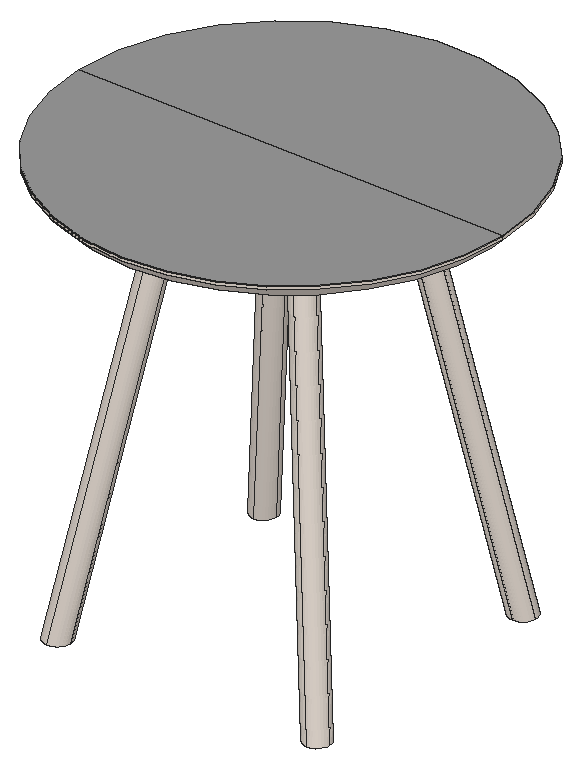
Revit family "FU_Table_Sandler_Viki 9-1", category Furniture, Revit 2020
Family settings
  OmniClass Number = 23.40.20.00
  OmniClass Title = General Furniture and Specialties
  Work Plane-Based = No
  Always vertical = Yes
  Cut with Voids When Loaded = No
  Shared = No
  Room Calculation Point = No
Parameters (values of type "Viki 9.1")
  Width = 600 mm
  URL = "https://www.sandlerseating.com/product/viki-9-1/"
  Model = "Viki 9.1"
  Manufacturer = "Sandler"
  Height = 600 mm
  Frame [instance] = Wood -  Aniline - White
  Description = "Side table on solid beech frame with White laminated top as a standard"
  Depth = 600 mm
  Default Elevation = 0 mm
Reference planes
  plane 1 "Center (Front/Back)": y = 0
  plane 2: z = 0
  plane 3 "Center (Left/Right)": x = 0
  plane 4 "Right": x = -300
  plane 5 "Left": x = 300
  plane 6 "Back": y = 300
  plane 7 "Front": y = -300
  plane 8 "Height": z = 600
  plane 9 "table base height": z = 580
  plane 10 "RL FRONT": through (-183.264, -1524, 2.559) normal (-0.9874, 0, 0.1585)
  plane 11 "LL FRONT": through (182.695, -1524, 3.555) normal (-0.9874, 0, -0.1585)
  plane 12 "TS FRONT": z = 526.982
  plane 13 "FL RIGHT": through (4267.2, -181.916, 3.931) normal (0, -0.9876, 0.157)
  plane 14 "BL RIGHT": through (4267.2, 178.963, 14.303) normal (0, -0.9878, -0.1559)
Forms (mm)
  Revolve 1, solid, material "Wood -  Aniline - White" <- "Frame"
    sketch origin (0, 0, 0) x (1, 0, 0) y (0, 0, 1)
      loop
        line (0, 599.033) -> (-300, 599.033) -> (-300, 594.995) -> (-285.005, 580) -> (0, 580) -> (0, 599.033)
      axis (0, 599.033) -> (0, 580)
    angle from 0 to 360
  Revolve 2, solid, material "Laminate, White, Matte"
    sketch origin (0, 0, 0) x (1, 0, 0) y (0, 0, 1)
      loop
        line (0, 600) -> (-300, 600) -> (-300, 599.033) -> (0, 599.033) -> (0, 600)
      axis (0, 600) -> (0, 599)
    angle from 0 to 360
  Sweep 3, solid, material "Wood -  Aniline - White" <- "Frame"
    path origin (0, -178.039, 28.311) x (0, -0.157041, -0.987592) y (1, 0, 0)
      loop
        line (34.101, -184.448) -> (-567.992, -86.549)
    profile "Pro_Circles : 36mm" origin (-135.499, -136.118, 291.944) x (-0.987037, 0.025203, 0.158499) y (0, -0.987592, 0.157041)
      loop
        arc (-17.967, 0.067) -> (-12.771, -12.677) -> (-0.066, -17.967) r 17.901
        arc (-0.066, -17.967) -> (12.725, -12.725) -> (17.967, 0.067) r 17.901
        arc (17.967, 0.067) -> (12.677, 12.771) -> (-0.067, 17.967) r 17.9
        arc (-0.067, 17.967) -> (-12.724, 12.724) -> (-17.967, 0.067) r 17.9
  Sweep 4, solid, material "Wood -  Aniline - White" <- "Frame"
    path origin (0, -178.039, 28.311) x (0, -0.157041, -0.987592) y (-1, 0, 0)
      loop
        line (34.101, -184.448) -> (-567.992, -86.549)
    profile "Pro_Circles : 36mm" origin (135.499, -136.118, 291.944) x (-0.987037, -0.025203, -0.158499) y (0, -0.987592, 0.157041)
      loop
        arc (17.967, 0.067) -> (12.724, 12.724) -> (0.067, 17.967) r 17.9
        arc (0.067, 17.967) -> (-12.677, 12.771) -> (-17.967, 0.067) r 17.9
        arc (-17.967, 0.067) -> (-12.725, -12.725) -> (0.066, -17.967) r 17.901
        arc (0.066, -17.967) -> (12.771, -12.677) -> (17.967, 0.067) r 17.901
  Sweep 5, solid, material "Wood -  Aniline - White" <- "Frame"
    path origin (0, 178.039, 28.311) x (0, 0.157041, -0.987592) y (-1, 0, 0)
      loop
        line (34.101, 184.448) -> (-567.992, 86.549)
    profile "Pro_Circles : 36mm" origin (-135.499, 136.118, 291.944) x (0.987037, 0.025203, -0.158499) y (0, 0.987592, 0.157041)
      loop
        arc (17.967, 0.067) -> (12.724, 12.724) -> (0.067, 17.967) r 17.9
        arc (0.067, 17.967) -> (-12.677, 12.771) -> (-17.967, 0.067) r 17.9
        arc (-17.967, 0.067) -> (-12.725, -12.725) -> (0.066, -17.967) r 17.901
        arc (0.066, -17.967) -> (12.771, -12.677) -> (17.967, 0.067) r 17.901
  Sweep 6, solid, material "Wood -  Aniline - White" <- "Frame"
    path origin (0, 178.039, 28.311) x (0, 0.157041, -0.987592) y (-1, 0, 0)
      loop
        line (34.101, -184.448) -> (-567.992, -86.549)
    profile "Pro_Circles : 36mm" origin (135.499, 136.118, 291.944) x (0.987037, -0.025203, 0.158499) y (0, 0.987592, 0.157041)
      loop
        arc (-17.967, 0.067) -> (-12.771, -12.677) -> (-0.066, -17.967) r 17.901
        arc (-0.066, -17.967) -> (12.725, -12.725) -> (17.967, 0.067) r 17.901
        arc (17.967, 0.067) -> (12.677, 12.771) -> (-0.067, 17.967) r 17.9
        arc (-0.067, 17.967) -> (-12.724, 12.724) -> (-17.967, 0.067) r 17.9
  Extrusion 7, void
    sketch origin (0, 0, 0) x (1, 0, 0) y (0, 0, 1)
      loop
        line (-120, 610) -> (-120, 580) -> (120, 580) -> (120, 610) -> (-120, 610)
    from -120 to 120
  Extrusion 8, void
    sketch origin (0, 0, 0) x (1, 0, 0) y (0, 0, 1)
      loop
        line (-225, 0) -> (-225, -20) -> (225, -20) -> (225, 0) -> (-225, 0)
    from -225 to 225
  Extrusion 9, solid, material "Metal - Black - Matte"
    sketch origin (0, 0, 580) x (-1, 0, 0) y (0, -1, 0)
      loop
        line (154.563, -177.888) -> (177.888, -154.563) -> (23.325, 0) -> (177.888, 154.563) -> (154.563, 177.888) -> (0, 23.325) -> (-155.563, 178.889) -> (-178.889, 155.563) -> (-23.325, 0) -> (-178.889, -155.563) -> (-155.563, -178.889) -> (0, -23.325) -> (154.563, -177.888)
    from 0 to -3
  Extrusion 10, solid, material "Wood -  Aniline - White" <- "Frame"
    sketch origin (0, 0, 526.982) x (-1, 0, 0) y (0, -1, 0)
      loop
        line (0, -16.576) -> (81.146, -97.722) -> (97.722, -81.146) -> (16.576, 0) -> (97.722, 81.146) -> (81.146, 97.722) -> (0, 16.576) -> (-81.146, 97.722) -> (-97.722, 81.146) -> (-16.576, 0) -> (-97.722, -81.146) -> (-81.146, -97.722) -> (0, -16.576)
    from 0 to 53.018
Cuts and joins
  Extrusion 7, Extrusion 8 cuts Sweep 3
  Extrusion 7, Extrusion 8 cuts Sweep 4
  Extrusion 7, Extrusion 8 cuts Sweep 6
  Extrusion 7, Extrusion 8 cuts Sweep 5
Dimensions and locks
  equal spacing: plane 4 "Right", plane 3 "Center (Left/Right)", plane 5 "Left"
  "Width": plane 4 "Right" to plane 5 "Left"
  equal spacing: plane 6 "Back", plane 1 "Center (Front/Back)", plane 7 "Front"
  "Depth": plane 6 "Back" to plane 7 "Front"
  "Height": plane 8 "Height" to level
  locked: plane 8 "Height" to plane 9 "table base height" at 20
  locked: plane 9 "table base height" to plane 12 "TS FRONT" at 53.018
  aligned and locked: level to plane 2
  aligned and locked: Revolve 1 sketch curve to plane 9 "table base height"
  aligned and locked: plane 8 "Height" to Revolve 2 sketch curve
  aligned and locked: plane 9 "table base height" to Extrusion 7 sketch curve
  aligned and locked: plane 9 "table base height" to Extrusion 10
Automatic sketch dimensions
  plane 4 "Right" to Revolve 1 sketch curve = 0 mm
  Revolve 1 sketch curve to plane 3 "Center (Left/Right)" = 0 mm  (x2)
  Revolve 1 sketch curve to plane 4 "Right" = 14.995 mm
  Revolve 1 sketch curve to plane 8 "Height" = 5.005 mm
  Revolve 1 sketch curve to plane 8 "Height" = 0.967 mm
  Revolve 1 sketch curve to plane 12 "TS FRONT" = 12.949 mm
  plane 8 "Height" to Revolve 1 sketch curve = 29.033 mm
  plane 4 "Right" to Revolve 2 sketch curve = 0 mm
  Revolve 2 sketch curve to plane 3 "Center (Left/Right)" = 0 mm  (x2)
  Revolve 2 sketch curve to Revolve 2 sketch curve = 0.967 mm
  Revolve 2 sketch curve to Revolve 2 sketch curve = 6.749 mm
  plane 8 "Height" to Revolve 2 sketch curve = 12.284 mm
  Sweep 3 sketch curve to plane 3 "Center (Left/Right)" = 86.549 mm
  Sweep 3 sketch curve to plane 4 "Right" = 115.552 mm
  Sweep 3 sketch curve to Sweep 3 sketch curve = 602.093 mm
  Sweep 4 sketch curve to plane 3 "Center (Left/Right)" = 86.549 mm
  Sweep 4 sketch curve to plane 5 "Left" = 115.552 mm
  Sweep 4 sketch curve to Sweep 4 sketch curve = 602.093 mm
  Sweep 5 sketch curve to plane 3 "Center (Left/Right)" = 86.549 mm
  Sweep 5 sketch curve to plane 4 "Right" = 115.552 mm
  Sweep 5 sketch curve to Sweep 5 sketch curve = 602.093 mm
  plane 3 "Center (Left/Right)" to Sweep 6 sketch curve = 86.549 mm
  plane 5 "Left" to Sweep 6 sketch curve = 115.552 mm
  Sweep 6 sketch curve to Sweep 6 sketch curve = 602.093 mm
  Extrusion 7 sketch curve to plane 4 "Right" = 180 mm
  plane 5 "Left" to Extrusion 7 sketch curve = 180 mm
  plane 8 "Height" to Extrusion 7 sketch curve = 10 mm
  Extrusion 8 sketch curve to plane 4 "Right" = 75 mm
  plane 5 "Left" to Extrusion 8 sketch curve = 75 mm
  Extrusion 8 sketch curve to level = 0 mm
  Extrusion 8 sketch curve to level = 20 mm
  plane 1 "Center (Front/Back)" to Extrusion 9 sketch curve = 0 mm  (x2)
  Extrusion 9 sketch curve to plane 3 "Center (Left/Right)" = 0 mm  (x2)
  plane 3 "Center (Left/Right)" to Extrusion 9 sketch curve = 23.325 mm
  plane 5 "Left" to Extrusion 9 sketch curve = 144.437 mm  (x2)
  Extrusion 9 sketch curve to Extrusion 9 sketch curve = 23.325 mm  (x4)
  Extrusion 9 sketch curve to plane 4 "Right" = 145.437 mm
  plane 7 "Front" to Extrusion 9 sketch curve = 122.112 mm
  Extrusion 10 sketch curve to plane 1 "Center (Front/Back)" = 0 mm
  Extrusion 10 sketch curve to plane 3 "Center (Left/Right)" = 0 mm  (x2)
  plane 1 "Center (Front/Back)" to Extrusion 10 sketch curve = 0 mm
  plane 3 "Center (Left/Right)" to Extrusion 10 sketch curve = 16.576 mm
  Extrusion 10 sketch curve to plane 3 "Center (Left/Right)" = 16.576 mm
  Extrusion 10 sketch curve to plane 3 "Center (Left/Right)" = 81.146 mm  (x2)
  plane 1 "Center (Front/Back)" to Extrusion 10 sketch curve = 16.576 mm
  plane 3 "Center (Left/Right)" to Extrusion 10 sketch curve = 81.146 mm  (x2)
  Extrusion 10 sketch curve to Extrusion 10 sketch curve = 16.576 mm
  Extrusion 10 sketch curve to plane 1 "Center (Front/Back)" = 81.146 mm
